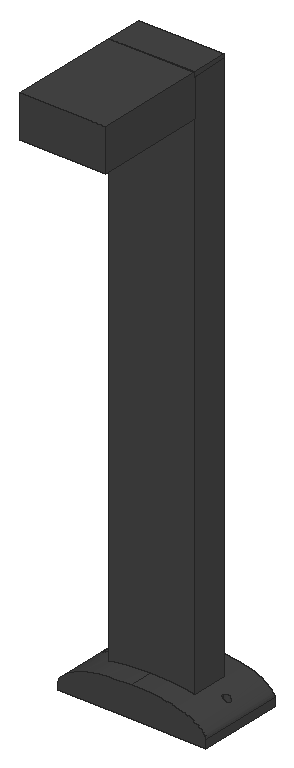
Revit family "svetilnik_supremus_mini", category Осветительные приборы, Revit 2016
Family settings
  Тип детали = Нормальный
  Размер круглого соединителя = Использовать диаметр
  На основе рабочей плоскости = Нет
  Всегда вертикально = Да
  При загрузке вырезать с полостями = Нет
  Источник света = Нет
  Общий = Нет
  Точка расчета площади = Нет
Parameters (values of type "Супремус-мини")
  Цветовая температура = "2700-6500"
  Тип продукции = "LED-светильник"
  Тип ПРА = "-"
  Тип КСС = "Концентрированная"
  Тип ИС = "LED-светодиоды"
  Температура эксплуатации = "-35 +40"
  Световой поток 2 = 600 lm
  Разработано = "support@bimlib.ru"  # constant formula
  Плафон = Прозрачное закаленное стекло
  Высота плафона = 100 mm
  Высота крышки = 85 mm
  Полная установленная мощность = ADSK_Номинальная мощность / ADSK_Коэффициент мощности  # 6.12245 VA
  Область использования = "ландшафт, коттедж. Посёлки,микрорайоны"
  Материал рассеивателя = "Прозрачное закаленное стекло"
  Корпус светильника = Сталь крашенная чёрная
  Климатическая зона = "У1"
  Класс пожароопасности = "F (светильники предназначены для установки непосредственно на поверхность из нормально воспламеняемых материалов)"
  Класс защиты = "1"
  Изготовитель = "ALFRESCO"  # constant formula
  Блок аварийного питания = no
  URL = "http://www.allfresco.ru/item/DTU-19-AF"
  IP Class = "IP 65"
  ADSK_Энергоэффективность = 100 lm/W
  ADSK_Ток = ADSK_Номинальная мощность / (ADSK_Коэффициент мощности * ADSK_Напряжение * sqrt(ADSK_Количество фаз числовое))  # 0.0196783 A
  ADSK_Размер_Ширина = 190 mm
  ADSK_Размер_Длина = 190 mm
  ADSK_Размер_Высота = 750 mm
  ADSK_Примечание [instance] = ""
  ADSK_Полная мощность = ADSK_Номинальная мощность / ADSK_Коэффициент мощности  # 6.12245 VA
  ADSK_Позиция = ""
  ADSK_Номинальная мощность = 6 W
  ADSK_Напряжение = 220 V
  ADSK_Наименование = "Светодиодный светильник Супремус-мини ДТУ-44-AF-6Вт-0,75"
  ADSK_Модель = "ДТУ-44-AF Супремус-мини"
  ADSK_Масса = 3.1
  ADSK_Коэффициент мощности = 0.98
  ADSK_Количество фаз числовое = 2
  ADSK_Количество фаз = 2
  ADSK_Код изделия = ""
  ADSK_Классификация нагрузок [instance] = Освещение
  ADSK_Завод-изготовитель = "ALFRESCO"  # constant formula
  ADSK_Единица измерения = "шт."
  ADSK_Артикул = "ДТУ441"
Reference planes
  plane 1 "По центру (Вперед/Назад)": y = 0
  plane 2: z = 0
  plane 3 "По центру (Влево/Вправо)": x = 0
  plane 4: z = 750
  plane 5: y = -166.548
  plane 6: x = -55
  plane 7: x = 55
  plane 8: y = -24.201
Forms (mm)
  Extrusion 1, solid, material "Сталь крашенная чёрная" <- "Корпус светильника", not visible
    sketch origin (0, 0, 0) x (1, 0, 0) y (0, 0, 1)
      loop
        line (-40, 275) -> (-40, 45) -> (40, 45) -> (40, 275) -> (-40, 275)
    from 50 to 53
  Sweep 2, void, not visible
    path origin (0, 0, 0) x (1, 0, 0) y (0, 0, 1)
      loop
        line (-40, 275) -> (-40, 45) -> (40, 45) -> (40, 275) -> (-40, 275)
    profile origin (0, 0, 275) x (0, 0, 1) y (0, -1, 0)
      loop
        line (0, 53) -> (-5.115, 53) -> (0, 50.829) -> (0, 53)
  Extrusion 3, void, not visible
    sketch origin (0, 0, 0) x (0, 1, 0) y (0, 0, 1)
      loop
        line (-53, 242.5) -> (-53, 62.773) -> (-6.251, 242.5) -> (-53, 242.5)
    from -31.068 to 31.068
  Extrusion 4, solid, not visible
    sketch origin (10.462, 0, 0) x (0, 1, 0) y (0, 0, 1)
      loop
        line (-50, 242.5) -> (-50, 74.05) -> (-5.187, 242.5) -> (-50, 242.5)
    from 21.406 to 20.606
  Extrusion 5, solid, material "Отражатель", not visible
    sketch origin (-10.462, 0, 0) x (0, 1, 0) y (0, 0, -1)
      loop
        line (-50, -242.5) -> (-5.187, -242.5) -> (-50, -74.05) -> (-50, -242.5)
    from 21.406 to 20.606
  Extrusion 6, solid, material "Отражатель", not visible
    sketch origin (0, 0, 0) x (0, 1, 0) y (0, 0, 1)
      loop
        line (-50, 74.05) -> (-48.948, 73.77) -> (-4.06, 242.5) -> (-5.187, 242.5) -> (-50, 74.05)
    from -31.068 to 31.068
  Extrusion 7, solid, not visible
    sketch origin (0, 0, 0) x (1, 0, 0) y (0, 1, 0)
      loop
        line (-31.068, -4.06) -> (-31.068, -45) -> (31.068, -45) -> (31.068, -4.06) -> (-31.068, -4.06)
      loop
        line (0, -32.789) -> (-23.125, -32.789) -> (-23.125, -40.914) -> (0, -40.914) -> (23.125, -40.914) -> (23.125, -32.789) -> (0, -32.789)
    from 242.5 to 243.44
  Extrusion 8, solid, material "Пластик", not visible
    sketch origin (0, 0, 0) x (1, 0, 0) y (0, 1, 0)
      loop
        line (-23.125, -32.789) -> (-23.125, -40.914) -> (23.125, -40.914) -> (23.125, -32.789) -> (-23.125, -32.789)
    from 242.5 to 243.44
  Extrusion 9, solid, not visible
    sketch origin (10.462, 0, 0) x (0, 1, 0) y (0, 0, 1)
      loop
        line (-50, 242.5) -> (-50, 74.05) -> (-5.187, 242.5) -> (-50, 242.5)
    from 21.406 to 20.606
  Extrusion 10, solid, material "Отражатель", not visible
    sketch origin (-10.462, 0, 0) x (0, 1, 0) y (0, 0, -1)
      loop
        line (-50, -242.5) -> (-5.187, -242.5) -> (-50, -74.05) -> (-50, -242.5)
    from 21.406 to 20.606
  Extrusion 11, solid, material "Отражатель", not visible
    sketch origin (0, 0, 0) x (0, 1, 0) y (0, 0, 1)
      loop
        line (-50, 74.05) -> (-48.948, 73.77) -> (-4.06, 242.5) -> (-5.187, 242.5) -> (-50, 74.05)
    from -31.068 to 31.068
  Extrusion 12, solid, not visible
    sketch origin (0, 0, 0) x (1, 0, 0) y (0, 1, 0)
      loop
        line (-31.068, -4.06) -> (-31.068, -45) -> (31.068, -45) -> (31.068, -4.06) -> (-31.068, -4.06)
      loop
        line (0, -32.789) -> (-23.125, -32.789) -> (-23.125, -40.914) -> (0, -40.914) -> (23.125, -40.914) -> (23.125, -32.789) -> (0, -32.789)
    from 242.5 to 243.44
  Extrusion 13, solid, material "Пластик", not visible
    sketch origin (0, 0, 0) x (1, 0, 0) y (0, 1, 0)
      loop
        line (-23.125, -32.789) -> (-23.125, -40.914) -> (23.125, -40.914) -> (23.125, -32.789) -> (-23.125, -32.789)
    from 242.5 to 243.44
  Extrusion 14, solid, material "Сталь крашенная чёрная", detail levels medium+fine
    sketch origin (0, 0, 0) x (1, 0, 0) y (0, 1, 0)
      loop
        line (-55, 23.452) -> (-55, -24.201) -> (55, -24.201) -> (55, 23.452) -> (-55, 23.452)
      loop
        line (-52.525, 20.979) -> (-52.525, -21.679) -> (52.475, -21.679) -> (52.475, 20.979) -> (-52.525, 20.979)
    from 0 to 745
  Extrusion 15, solid, material "Сталь крашенная чёрная" <- "Корпус светильника", detail levels medium+fine
    sketch origin (0, 0, 0) x (1, 0, 0) y (0, 0, 1)
      loop
        line (-95, 0) -> (0, 0) -> (95, 0) -> (95, 10)
        spline (95, 10) -> (94.335, 12.767) -> (92.458, 15.561) -> (89.551, 18.428) -> (85.793, 21.418) -> (81.253, 24.538) -> (75.651, 27.68) -> (68.633, 30.707) -> (59.848, 33.485) -> (48.944, 35.88) -> (35.57, 37.758) -> (19.372, 38.983) -> (0, 39.421)
        spline (0, 39.421) -> (-19.372, 38.983) -> (-35.57, 37.758) -> (-48.944, 35.88) -> (-59.848, 33.485) -> (-68.633, 30.707) -> (-75.651, 27.68) -> (-81.253, 24.538) -> (-85.793, 21.418) -> (-89.551, 18.428) -> (-92.458, 15.561) -> (-94.335, 12.767) -> (-95, 10)
        line (-95, 10) -> (-95, 0)
    from -54.675 to 55.325
  Extrusion 16, void
    sketch origin (0, 0, 0) x (1, 0, 0) y (0, 1, 0)
      loop
        circle (-77.5, 0) r 5
      loop
        circle (77.5, 0) r 5
    from 0 to 30
  Extrusion 17, solid, detail levels medium+fine
    sketch origin (0, 0, 0) x (1, 0, 0) y (0, 1, 0)
      loop
        line (-55, 23.452) -> (-55, -24.201) -> (55, -24.201) -> (55, 23.452) -> (-55, 23.452)
    from 0 to 30
  Extrusion 18, solid, material "Сталь крашенная чёрная" <- "Корпус светильника", detail levels medium+fine
    sketch origin (0, 0, 0) x (1, 0, 0) y (0, 1, 0)
      loop
        line (-55, 23.452) -> (-55, -24.201) -> (55, -24.201) -> (55, 23.452) -> (-55, 23.452)
    from 745 to 750
Cuts and joins
  Extrusion 16 cuts Extrusion 15
Lines and regions (mm)
  model lines, detail levels coarse
    curve 1: line (0, 0, 4) -> (0, 0, 750)
    curve 2: line (-95, 0, 0) -> (95, 0, 0)
    curve 3: line (0, 0, 750) -> (0, -166.548, 750)
    curve 4: line (0, 54.675, 0) -> (0, -55.325, 0)
Dimensions and locks
  "ADSK_Размер_Высота": plane 4 to level
  locked: Sweep 2 sketch curve to Sweep 2 sketch curve at 2.171
  cut or joined group of Extrusion 15, Extrusion 16 to cut or joined group of Extrusion 15, Extrusion 16 = 190 mm
  nested 1 to Extrusion 14 = 190.156 mm
  aligned and locked: level to plane 2
  aligned and locked: plane 3 "По центру (Влево/Вправо)" to curve 1
  aligned and locked: plane 4 to curve 1
  aligned and locked: curve 3 to plane 4
  aligned and locked: Extrusion 17 to Extrusion 14
Automatic sketch dimensions
  Sweep 2 sketch curve to Sweep 2 sketch curve = 5.115 mm
  Extrusion 6 sketch curve to Extrusion 6 sketch curve = 0.28 mm
  Extrusion 7 sketch curve to Extrusion 7 sketch curve = 8.125 mm
  Extrusion 8 sketch curve to Extrusion 8 sketch curve = 8.125 mm
  Extrusion 1 sketch curve to Extrusion 1 sketch curve = 80 mm
  Extrusion 1 sketch curve to Extrusion 1 sketch curve = 230 mm
  Sweep 2 sketch curve to Sweep 2 sketch curve = 80 mm
  Sweep 2 sketch curve to Sweep 2 sketch curve = 230 mm
  profile plane to Sweep 2 sketch curve = 0 mm
  profile plane to Sweep 2 sketch curve = 50.829 mm
  Extrusion 3 sketch curve to Extrusion 3 sketch curve = 46.749 mm
  Extrusion 3 sketch curve to Extrusion 3 sketch curve = 179.727 mm
  Extrusion 4 sketch curve to Extrusion 4 sketch curve = 44.813 mm
  Extrusion 4 sketch curve to Extrusion 4 sketch curve = 168.45 mm
  Extrusion 5 sketch curve to Extrusion 5 sketch curve = 44.813 mm
  Extrusion 5 sketch curve to Extrusion 5 sketch curve = 168.45 mm
  Extrusion 6 sketch curve to Extrusion 6 sketch curve = 1.052 mm
  Extrusion 6 sketch curve to Extrusion 6 sketch curve = 44.813 mm
  Extrusion 7 sketch curve to Extrusion 7 sketch curve = 7.943 mm  (x2)
  Extrusion 7 sketch curve to Extrusion 7 sketch curve = 23.125 mm  (x2)
  Extrusion 7 sketch curve to Extrusion 7 sketch curve = 0 mm
  Extrusion 7 sketch curve to Extrusion 7 sketch curve = 4.086 mm
  Extrusion 7 sketch curve to Extrusion 7 sketch curve = 28.729 mm
  Extrusion 8 sketch curve to Extrusion 8 sketch curve = 46.25 mm
  Extrusion 11 sketch curve to Extrusion 11 sketch curve = 0.28 mm
  Extrusion 12 sketch curve to Extrusion 12 sketch curve = 8.125 mm
  Extrusion 13 sketch curve to Extrusion 13 sketch curve = 8.125 mm
  Extrusion 9 sketch curve to Extrusion 9 sketch curve = 44.813 mm
  Extrusion 9 sketch curve to Extrusion 9 sketch curve = 168.45 mm
  Extrusion 10 sketch curve to Extrusion 10 sketch curve = 44.813 mm
  Extrusion 10 sketch curve to Extrusion 10 sketch curve = 168.45 mm
  Extrusion 11 sketch curve to Extrusion 11 sketch curve = 1.052 mm
  Extrusion 11 sketch curve to Extrusion 11 sketch curve = 44.813 mm
  Extrusion 12 sketch curve to Extrusion 12 sketch curve = 7.943 mm  (x2)
  Extrusion 12 sketch curve to Extrusion 12 sketch curve = 23.125 mm  (x2)
  Extrusion 12 sketch curve to Extrusion 12 sketch curve = 0 mm
  Extrusion 12 sketch curve to Extrusion 12 sketch curve = 4.086 mm
  Extrusion 12 sketch curve to Extrusion 12 sketch curve = 28.729 mm
  Extrusion 13 sketch curve to Extrusion 13 sketch curve = 46.25 mm
  curve 2 to level = 0 mm
  curve 2 to plane 3 "По центру (Влево/Вправо)" = 95 mm
  plane 3 "По центру (Влево/Вправо)" to curve 2 = 95 mm
  level to curve 1 = 4 mm
  Extrusion 15 sketch curve to level = 0 mm
  Extrusion 15 sketch curve to plane 3 "По центру (Влево/Вправо)" = 0 mm  (x2)
  Extrusion 15 sketch curve to Extrusion 15 sketch curve = 95 mm
  level to Extrusion 15 sketch curve = 10 mm  (x2)
  plane 3 "По центру (Влево/Вправо)" to Extrusion 15 sketch curve = 95 mm
  level to Extrusion 15 sketch curve = 39.421 mm
  plane 1 "По центру (Вперед/Назад)" to Extrusion 16 sketch curve = 0 mm  (x2)
  Extrusion 16 sketch curve to plane 3 "По центру (Влево/Вправо)" = 77.5 mm
  plane 3 "По центру (Влево/Вправо)" to Extrusion 16 sketch curve = 77.5 mm
  plane 1 "По центру (Вперед/Назад)" to Extrusion 14 sketch curve = 24.201 mm
  Extrusion 14 sketch curve to plane 3 "По центру (Влево/Вправо)" = 55 mm
  Extrusion 14 sketch curve to Extrusion 14 sketch curve = 2.475 mm
  Extrusion 14 sketch curve to plane 1 "По центру (Вперед/Назад)" = 20.979 mm
  plane 3 "По центру (Влево/Вправо)" to Extrusion 14 sketch curve = 52.475 mm
  Extrusion 14 sketch curve to Extrusion 14 sketch curve = 2.525 mm
  Extrusion 14 sketch curve to Extrusion 14 sketch curve = 2.521 mm
  Extrusion 14 sketch curve to Extrusion 14 sketch curve = 2.473 mm
  Extrusion 17 sketch curve to plane 7 = 0 mm
  plane 6 to Extrusion 17 sketch curve = 0 mm
  plane 8 to Extrusion 17 sketch curve = 0 mm
  Extrusion 17 sketch curve to plane 1 "По центру (Вперед/Назад)" = 23.452 mm
  Extrusion 18 sketch curve to plane 8 = 0 mm
  plane 6 to Extrusion 18 sketch curve = 0 mm
  plane 7 to Extrusion 18 sketch curve = 0 mm
  Extrusion 18 sketch curve to plane 1 "По центру (Вперед/Назад)" = 23.452 mm
  curve 3 to plane 5 = 0 mm
  curve 4 to level = 0 mm
  curve 3 to plane 1 "По центру (Вперед/Назад)" = 0 mm
  curve 4 to plane 8 = 31.125 mm
  curve 4 to plane 1 "По центру (Вперед/Назад)" = 54.675 mm
  radius of Extrusion 16 sketch curve = 5 mm  (x2)
Nested families
  nested 1: "Супремус мини_Светильник (вложенное)" at (135, 560.796, 750) x (0, 1, 0) z (0, 0, 1), type "Супремус мини_Светильник (вложенное)", detail levels medium+fine
  nested 2: "УГО_Осветительный прибор" at (0, 0, 0), type "УГО_Осветительный прибор", detail levels coarse
Definition of nested family "Супремус мини_Светильник (вложенное)"
  Parameters (values of type "Супремус мини_Светильник (вложенное)")
    Разработано = "support@bimlib.ru"  # constant formula
    Плафон = none
    Wattage = 4.03926 W
    built-in parameter 1150110 = 1 (stored number, unit not read)
    built-in parameter 1114217 = 1 (stored number, unit not read)
    Tilt Angle = 90.00°
    built-in parameter 1150109 = 1 (stored number, unit not read)
    built-in parameter 1150134 = 12
    built-in parameter 1150113 = 1 (stored number, unit not read)
    Photometric Web File = "ДТУ-44-AF Супремус mini 6W.ies"
    built-in parameter 1150142 = "IESNA:LM-63-1995\r\n[TEST]  alf\r\n[MANUFAC] ALFRESCO\r\n[LUMCAT] ДТУ-44-AF\r\n[LUMINAIRE] ДТУ-44-AF Супремус mini\r\n[LAMPCAT] CREE led\r\n[OTHER]  \r\nTILT=NONE\r\n1 510 1.000 37 25 1 2 -0.300 0.000 0.000\r\n1.000 1.000 6\r\n0.0 5.0 10.0 15.0 20.0 25.0 30.0 35.0 40.0 45.0 50.0 55.0 60.0 65.0 70.0 75.0 80.0 85.0 90.0 95.0 100.0 105.0\r\n110.0 115.0 120.0 125.0 130.0 135.0 140.0 145.0 150.0 155.0 160.0 165.0 170.0 175.0 180.0\r\n0.0 15.0 30.0 45.0 60.0 75.0 90.0 105.0 120.0 135.0 150.0 165.0 180.0 195.0 210.0 225.0 240.0 255.0 270.0 285.0 300.0 315.0\r\n330.0 345.0 360.0\r\n2310.811 2162.286 1540.129 752.664 291.018 122.198 64.886 41.282 28.894 21.186 15.080 11.034 7.224 5.024\r\n2.523 1.640 0.724 0.226 0.138 0.000 0.346 0.000 0.230 0.322 0.222 0.718 0.090 0.512\r\n0.379 1.210 1.411 2.419 2.570 3.183 2.906 2.743 2.907\r\n2310.811 2090.703 1424.902 671.171 259.329 111.830 59.764 39.195 27.819 20.278 13.774 10.187 6.718 4.649\r\n2.300 1.535 0.501 0.524 0.000 0.441 0.017 0.249 0.000 0.252 0.120 0.176 0.350 0.181\r\n0.910 0.923 2.009 2.120 3.044 2.944 3.285 3.085 2.907\r\n2310.811 2130.619 1517.432 755.989 296.526 124.413 64.837 40.575 28.361 19.926 14.806 10.199 7.140 4.353\r\n2.755 1.256 0.927 0.060 0.355 0.000 0.212 0.016 0.097 0.305 0.000 0.394 0.034 0.553\r\n0.534 1.063 1.791 2.247 3.241 2.897 3.234 2.837 2.907\r\n2310.811 2065.207 1417.682 675.209 263.658 114.478 61.599 38.452 26.297 19.325 13.786 10.172 6.172 4.253\r\n2.248 1.421 0.588 0.179 0.168 0.000 0.287 0.000 0.341 0.000 0.374 0.000 0.459 0.134\r\n0.926 0.884 2.023 2.152 2.890 2.959 2.919 2.825 2.907\r\n2310.811 2111.735 1497.673 716.656 278.135 120.641 63.837 39.804 27.017 19.635 14.487 9.808 6.726 4.003\r\n2.645 1.214 0.943 0.183 0.283 0.139 0.354 0.077 0.165 0.000 0.301 0.000 0.493 0.150\r\n0.722 1.164 1.447 2.492 2.473 3.059 2.836 2.797 2.907\r\n2310.811 2051.062 1398.902 642.162 249.412 109.722 58.839 38.350 26.272 18.889 13.208 9.078 6.450 3.695\r\n2.538 1.055 0.777 0.193 0.141 0.093 0.075 0.156 0.000 0.288 0.019 0.316 0.102 0.528\r\n0.590 1.259 1.730 2.396 2.722 2.970 2.946 3.068 2.907\r\n2310.811 2098.091 1494.214 732.886 285.783 120.688 63.271 39.914 28.129 19.447 13.425 9.460 6.510 4.094\r\n2.472 1.070 0.900 0.000 0.254 0.050 0.073 0.273 0.000 0.414 0.007 0.269 0.375 0.177\r\n0.937 0.950 1.875 2.198 2.748 3.000 2.878 2.871 2.907\r\n2310.811 2038.159 1396.214 666.953 262.148 112.971 59.942 37.839 26.222 18.469 13.507 8.832 6.142 3.617\r\n2.106 1.296 0.225 0.470 0.000 0.343 0.000 0.229 0.020 0.237 0.023 0.405 0.198 0.712\r\n0.455 1.425 1.526 2.566 2.567 3.010 3.117 3.266 2.907\r\n2310.811 2086.716 1469.696 715.230 281.697 119.958 62.979 39.649 26.924 19.415 14.264 9.615 6.556 3.810\r\n2.637 1.024 0.901 0.172 0.329 0.146 0.049 0.332 0.000 0.386 0.022 0.304 0.336 0.280\r\n0.938 0.955 1.976 2.158 2.885 2.959 2.790 2.888 2.907\r\n2310.811 2028.755 1374.496 646.913 251.857 109.201 58.840 37.664 25.778 19.232 13.438 9.532 5.960 4.055\r\n2.092 1.345 0.461 0.415 0.011 0.303 0.000 0.398 0.148 0.666 0.115 0.350 0.095 0.374\r\n0.831 1.007 2.042 2.131 3.075 2.723 3.193 3.120 2.907\r\n2310.811 2086.408 1471.857 727.673 282.244 117.159 61.996 38.926 27.968 19.361 14.254 9.680 6.746 4.213\r\n2.395 1.430 0.486 0.480 0.000 0.317 0.000 0.259 0.217 0.146 0.302 0.000 0.528 0.227\r\n0.769 1.237 1.728 2.549 2.523 3.377 2.881 2.756 2.907\r\n2310.811 2036.841 1382.381 651.213 249.201 105.126 56.495 37.491 26.882 19.099 13.416 9.240 6.618 3.868\r\n2.356 1.207 0.489 0.449 0.000 0.294 0.000 0.170 0.193 0.098 0.250 0.132 0.334 0.355\r\n0.703 1.292 1.657 2.636 2.539 3.188 2.795 2.653 2.907\r\n2310.811 2014.333 1313.084 581.091 219.454 96.091 54.267 35.839 25.840 18.849 13.843 9.439 6.548 4.145\r\n2.134 1.388 0.345 0.435 0.000 0.281 0.000 0.153 0.121 0.150 0.429 0.017 0.598 0.377\r\n0.824 1.180 1.718 2.392 2.723 3.160 2.850 2.556 2.907\r\n2310.811 2081.162 1426.242 652.896 244.476 102.608 56.847 37.105 26.567 20.174 14.683 10.799 6.663 4.493\r\n2.252 1.506 0.499 0.367 0.052 0.095 0.000 0.000 0.020 0.060 0.033 0.315 0.000 0.610\r\n0.490 1.336 1.783 2.292 3.048 2.790 3.263 3.106 2.907\r\n2310.811 2035.003 1364.557 620.511 234.025 99.894 54.500 36.421 26.270 19.390 14.643 9.818 6.775 4.012\r\n2.572 1.141 0.731 0.114 0.138 0.088 0.114 0.185 0.026 0.319 0.097 0.331 0.205 0.579\r\n0.673 1.415 1.748 2.468 2.824 3.024 3.032 3.156 2.907\r\n2310.811 2107.112 1481.584 715.013 273.597 112.272 59.415 38.981 28.487 20.940 14.677 10.799 7.003 4.901\r\n2.547 1.422 0.912 0.025 0.349 0.070 0.244 0.094 0.085 0.368 0.061 0.416 0.273 0.592\r\n0.792 1.283 1.997 2.355 3.021 3.096 3.247 3.184 2.907\r\n2310.811 2067.984 1395.717 643.785 245.489 104.034 56.209 37.817 27.796 20.344 14.218 10.161 7.078 4.419\r\n2.843 1.120 0.927 0.137 0.001 0.079 0.000 0.356 0.000 0.334 0.000 0.397 0.057 0.575\r\n0.462 1.374 1.550 2.511 2.569 3.204 2.731 2.807 2.907\r\n2310.811 2139.361 1510.142 725.823 278.043 114.022 60.682 39.626 28.491 20.866 15.515 11.119 7.698 4.617\r\n3.013 1.267 1.161 0.193 0.500 0.000 0.291 0.000 0.444 0.000 0.419 0.039 0.526 0.084\r\n1.094 1.032 2.084 2.129 2.907 2.798 3.092 3.016 2.907\r\n2310.811 2102.415 1454.594 691.332 264.823 109.576 58.866 38.137 26.867 20.319 14.913 11.091 7.174 4.751\r\n2.845 1.513 0.779 0.080 0.221 0.000 0.356 0.003 0.097 0.344 0.000 0.455 0.074 0.575\r\n0.666 1.331 1.766 2.230 2.729 2.772 2.896 2.846 2.907\r\n2310.811 2156.993 1571.089 787.420 302.539 122.354 62.875 40.491 28.437 20.907 15.792 11.038 8.023 4.767\r\n3.085 1.619 0.660 0.587 0.000 0.377 0.022 0.350 0.000 0.390 0.037 0.426 0.129 0.354\r\n0.644 0.891 1.892 1.989 2.864 2.741 3.048 2.864 2.907\r\n2310.811 2107.118 1476.729 701.713 265.656 110.164 58.998 38.981 28.352 20.478 14.702 10.109 7.465 4.599\r\n2.982 1.247 0.846 0.213 0.169 0.000 0.172 0.000 0.327 0.000 0.421 0.035 0.501 0.427\r\n0.754 1.486 1.531 2.567 2.477 2.992 2.870 3.034 2.907\r\n2310.811 2146.778 1553.775 762.886 291.004 120.160 62.700 41.008 28.611 21.283 14.889 10.984 7.141 4.988\r\n2.603 1.731 0.595 0.440 0.000 0.139 0.168 0.000 0.374 0.000 0.406 0.000 0.453 0.294\r\n0.770 1.106 1.763 2.188 2.660 2.723 2.991 3.036 2.907\r\n2310.811 2080.987 1429.160 679.530 260.476 111.405 59.630 38.741 26.749 19.701 14.757 10.022 7.082 4.088\r\n2.608 1.216 0.401 0.468 0.000 0.276 0.050 0.037 0.367 0.000 0.336 0.039 0.212 0.679\r\n0.581 1.443 1.614 2.597 2.811 3.058 2.761 2.686 2.907\r\n2310.811 2113.016 1476.344 715.038 276.014 116.756 62.363 39.721 27.064 20.256 14.546 11.046 6.865 4.755\r\n2.402 1.582 0.670 0.378 0.224 0.188 0.207 0.065 0.270 0.081 0.229 0.172 0.325 0.369\r\n0.758 1.217 1.857 2.272 2.780 2.902 3.008 2.961 2.907\r\n2310.811 2162.286 1540.129 752.664 291.018 122.198 64.886 41.282 28.894 21.186 15.080 11.034 7.224 5.024\r\n2.523 1.640 0.724 0.226 0.138 0.000 0.346 0.000 0.230 0.322 0.222 0.718 0.090 0.512\r\n0.379 1.210 1.411 2.419 2.570 3.183 2.906 2.743 2.907\r\n"
    built-in parameter 1150105 = 2718.6 (stored number, unit not read)
    Lumens = 600 lm
    built-in parameter 1150115 = 1 (stored number, unit not read)
    built-in parameter 1150137 = (empty or 0)
    built-in parameter 1150139 = (empty or 0)
    built-in parameter 1150112 = 1 (stored number, unit not read)
    built-in parameter 1150114 = 1 (stored number, unit not read)
    built-in parameter 1150132 = 2
    built-in parameter 1150102 = (empty or 0)
    built-in parameter 1150107 = 4000 (stored number, unit not read)
    built-in parameter 1150138 = (empty or 0)
    built-in parameter 1150106 = 27.186 (stored number, unit not read)
    Emit from Rectangle Width = 100 mm
    Emit from Rectangle Length = 133 mm
    Emit Shape Visible in Rendering = no
    built-in parameter 1150104 = 13.8 (stored number, unit not read)
    Dimming Lamp Color Temperature Shift = (empty or 0)
    Color Filter = 16777215
    built-in parameter 1114218 = 1 (stored number, unit not read)
    built-in parameter 1150133 = 10 (stored number, unit not read)
    Apparent Load = 7.14286 VA
    Корпус светильника = none
    Manufacturer = "ALFRESCO"  # constant formula
    URL = "http://www.allfresco.ru/item/DTU-19-AF"
  Reference planes
    plane 1 "По центру (Вперед/Назад)": y = 0
    plane 2: z = 0
    plane 3 "По центру (Влево/Вправо)": x = 0
    plane 4: x = -190
    plane 5: y = 190
    plane 6: y = 137.5
    plane 7: x = -440
    plane 8: z = -5
    plane 9: z = -54.217
    plane 10: x = -727.5
  Forms (mm)
    Extrusion 1, solid, material <- "Корпус светильника", not visible
      sketch origin (0, 0, 0) x (1, 0, 0) y (0, 0, 1)
        loop
          line (-40, 275) -> (-40, 45) -> (40, 45) -> (40, 275) -> (-40, 275)
      from 50 to 53
    Sweep 2, void, not visible
      path origin (0, 0, 0) x (1, 0, 0) y (0, 0, 1)
        loop
          line (-40, 275) -> (-40, 45) -> (40, 45) -> (40, 275) -> (-40, 275)
      profile origin (0, 0, 275) x (0, 0, 1) y (0, -1, 0)
        loop
          line (0, 53) -> (-5.115, 53) -> (0, 50.829) -> (0, 53)
    Extrusion 3, void, not visible
      sketch origin (0, 0, 0) x (0, 1, 0) y (0, 0, 1)
        loop
          line (-53, 242.5) -> (-53, 62.773) -> (-6.251, 242.5) -> (-53, 242.5)
      from -31.068 to 31.068
    Extrusion 4, solid, not visible
      sketch origin (10.462, 0, 0) x (0, 1, 0) y (0, 0, 1)
        loop
          line (-50, 242.5) -> (-50, 74.05) -> (-5.187, 242.5) -> (-50, 242.5)
      from 21.406 to 20.606
    Extrusion 5, solid, not visible
      sketch origin (-10.462, 0, 0) x (0, 1, 0) y (0, 0, -1)
        loop
          line (-50, -242.5) -> (-5.187, -242.5) -> (-50, -74.05) -> (-50, -242.5)
      from 21.406 to 20.606
    Extrusion 6, solid, not visible
      sketch origin (0, 0, 0) x (0, 1, 0) y (0, 0, 1)
        loop
          line (-50, 74.05) -> (-48.948, 73.77) -> (-4.06, 242.5) -> (-5.187, 242.5) -> (-50, 74.05)
      from -31.068 to 31.068
    Extrusion 7, solid, not visible
      sketch origin (0, 0, 0) x (1, 0, 0) y (0, 1, 0)
        loop
          line (-31.068, -4.06) -> (-31.068, -45) -> (31.068, -45) -> (31.068, -4.06) -> (-31.068, -4.06)
        loop
          line (0, -32.789) -> (-23.125, -32.789) -> (-23.125, -40.914) -> (0, -40.914) -> (23.125, -40.914) -> (23.125, -32.789) -> (0, -32.789)
      from 242.5 to 243.44
    Extrusion 8, solid, not visible
      sketch origin (0, 0, 0) x (1, 0, 0) y (0, 1, 0)
        loop
          line (-23.125, -32.789) -> (-23.125, -40.914) -> (23.125, -40.914) -> (23.125, -32.789) -> (-23.125, -32.789)
      from 242.5 to 243.44
    Extrusion 9, solid, not visible
      sketch origin (10.462, 0, 0) x (0, 1, 0) y (0, 0, 1)
        loop
          line (-50, 242.5) -> (-50, 74.05) -> (-5.187, 242.5) -> (-50, 242.5)
      from 21.406 to 20.606
    Extrusion 10, solid, not visible
      sketch origin (-10.462, 0, 0) x (0, 1, 0) y (0, 0, -1)
        loop
          line (-50, -242.5) -> (-5.187, -242.5) -> (-50, -74.05) -> (-50, -242.5)
      from 21.406 to 20.606
    Extrusion 11, solid, not visible
      sketch origin (0, 0, 0) x (0, 1, 0) y (0, 0, 1)
        loop
          line (-50, 74.05) -> (-48.948, 73.77) -> (-4.06, 242.5) -> (-5.187, 242.5) -> (-50, 74.05)
      from -31.068 to 31.068
    Extrusion 12, solid, not visible
      sketch origin (0, 0, 0) x (1, 0, 0) y (0, 1, 0)
        loop
          line (-31.068, -4.06) -> (-31.068, -45) -> (31.068, -45) -> (31.068, -4.06) -> (-31.068, -4.06)
        loop
          line (0, -32.789) -> (-23.125, -32.789) -> (-23.125, -40.914) -> (0, -40.914) -> (23.125, -40.914) -> (23.125, -32.789) -> (0, -32.789)
      from 242.5 to 243.44
    Extrusion 13, solid, not visible
      sketch origin (0, 0, 0) x (1, 0, 0) y (0, 1, 0)
        loop
          line (-23.125, -32.789) -> (-23.125, -40.914) -> (23.125, -40.914) -> (23.125, -32.789) -> (-23.125, -32.789)
      from 242.5 to 243.44
    Extrusion 14, solid, material <- "Корпус светильника"
      sketch origin (0, 0, -105) x (0, -1, 0) y (1, 0, 0)
        loop
          line (-190, -727.5) -> (-80, -727.5) -> (-80, -585) -> (-190, -585) -> (-190, -727.5)
      from 50.783 to 105
    Extrusion 15, solid, material <- "Плафон"
      sketch origin (8.918, 9.596, -708.855) x (1, 0, 0) y (0, 1, 0)
        loop
          line (-731.871, 175.86) -> (-731.871, 74.9) -> (-598.393, 74.9) -> (-598.393, 175.86) -> (-731.871, 175.86)
      from 654.639 to 703.855
    Extrusion 16, void
      sketch origin (-5, 0, -1.25) x (1, 0, 0) y (0, 0, 1)
        loop
          line (-717.953, -52.967) -> (-584.475, -52.967) -> (-584.475, -3.433) -> (-717.953, -3.433) -> (-717.953, -52.967)
      from -185.456 to -84.496
  Cuts and joins
    Extrusion 16 cuts Extrusion 14
  Dimensions and locks
    locked: Sweep 2 sketch curve to Sweep 2 sketch curve at 2.171
    level to plane 9 = 54.217 mm
    plane 10 to plane 4 = 537.5 mm
    aligned and locked: level to plane 2
    aligned and locked: Extrusion 15 to cut or joined group of Extrusion 14, Extrusion 16  (x2)
    aligned and locked: cut or joined group of Extrusion 14, Extrusion 16 to Extrusion 15  (x2)
    aligned and locked: Extrusion 16 to Extrusion 15
    aligned and locked: Extrusion 14 to Extrusion 16
Definition of nested family "УГО_Осветительный прибор"
  Reference planes
    plane 1: y = 0
    plane 2: x = 0
  Lines and regions (mm)
    detail lines
      curve 1: circle (0, 0, 0) r 1.75 normal (0, 0, 1)
      curve 2: line (-1.021, 1.421, 0) -> (-1.021, -1.421, 0)
      curve 3: line (1.021, 1.421, 0) -> (1.021, -1.421, 0)
